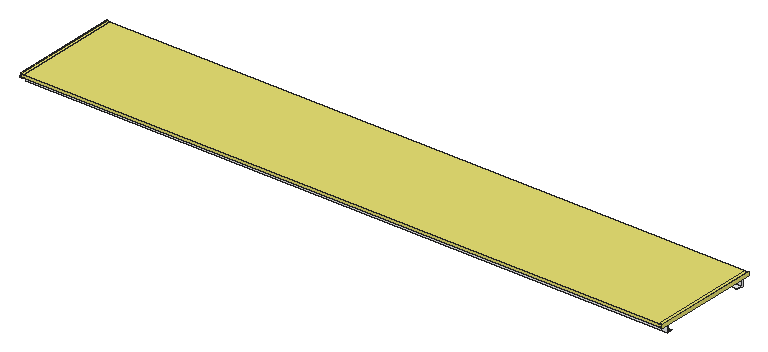
Revit family "Walkway_Kattsafe_Fibre", category Specialty Equipment, Revit 2025
Family settings
  Round Connector Dimension = Use Diameter
  Part Type = Normal
  OmniClass Number = 23.13.41.19
  Enable Cutting in Views = No
  Cut with Voids When Loaded = No
  Maintain Annotation Orientation = No
  Shared = No
  Room Calculation Point = No
Parameters (values of type "With Battens (GW13)")
  WalkwayWidth = 615 mm  # constant formula
  WalkwayMaterial = Resin_Kattsafe_Mesh_Yellow
  Type IFC Predefined Type = "USERDEFINED"
  SafetyDisclaimer [instance] = "WARNING! The correct placement of access, fall protection and facade maintenance systems is critical to ensure it is fit-for-purpose and safe for the operator to use. Did you know Kattsafe® have a dedicated team of Height Safety System Design Specialists? Kattsafe® provide one-on-one consultation and system design assistance to ensure you are meeting the stringent requirements of height safety and to give you PEACE OF MIND with your project."  # constant formula
  Export Type to IFC As = "IfcBuildingElementProxy"
  ElementType = "Roof Walkway"
  EdgebarMaterial = Resin_Kattsafe_Yellow
  WalkwayAngleEnd2 [instance] = 0.00°
  WalkwayAngleEnd1 [instance] = 0.00°
  Uniclass2015Version = "Products v1.23"
  Uniclass2015Title = "Working platforms"
  Uniclass2015Code = "Pr_40_70_75_96"
  URL = "https://kattsafe.com.au/"
  Type Comments = "Fibre Walkway - On Battens"
  RoofPitchCalc [instance] = if(1 = 1, RoofPitch + 90.00°, 0.00°)  # 90.00°
  RoofPitch [instance] = 0.00°
  ModifiedIssue = 20240430
  Model = "GW13"
  ManufacturerURLProductSpecific = "https://kattsafe.com.au/products/guardrails-walkway"
  ManufacturerSpecCode = Model  # "GW13"
  ManufacturerOverallWidth = WalkwayWidth  # 615 mm
  ManufacturerOverallLength [instance] = [built-in parameter 1001306]  # 3660 mm
  ManufacturerOverallHeight = if(Battens, 55 mm, 15 mm)  # 55 mm
  Manufacturer = "Kattsafe®"  # constant formula
  built-in parameter 1001306 [instance] = 3660 mm
  IfcExportType = "USERDEFINED"
  IfcExportAs = "IfcBuildingElementProxy"
  Description = "Kattsafe guardrail systems are the preferred method of safe access across roofs and areas close to a fall edge. The system requires no specialist PPE, personnel or training to safely prevent a fall with a walkway to designate a safe path of access across the roof surface."  # constant formula
  Default Elevation = 0 mm
  CreatedBy = "IGS BIM Solutions"  # constant formula
  CreatedByURL = "https://igsgroup.com.au"
  CleatsSingleOptionCalc [instance] = if(and(CleatsOption, (CleatsNumberOfCalc2 < 2), [built-in parameter 1001306] > CleatsMaxSpacingLength - 1 mm), 1 > 0, 1 < 0)  # no
  CleatsNumberOfCalc3 [instance] = if(CleatsNumberOfCalc2 < 2, 2, CleatsNumberOfCalc2)  # 8
  CleatsArrayOptionCalc [instance] = if(and(CleatsOption, (CleatsNumberOfCalc2 > 1)), 1 > 0, 1 < 0)  # no
  CleatsActualNumberOf [instance] = if(CleatsOption, CleatsNumberOfCalc2, 0)  # 0
  CleatsOption [instance] = not(RoofPitch < 10.00°)  # no
  CleatsNumberOfCalc2 [instance] = if(CleatsNumberOf > CleatsNumberOfCalc, rounddown(CleatsNumberOfCalc), CleatsNumberOf)  # 8
  CleatsNumberOfCalc [instance] = ([built-in parameter 1001306] - (CleatsMaxSpacingLength)) / (CleatsMaxSpacingLength) + 1  # 8.1333
  CleatsNumberOf [instance] = ([built-in parameter 1001306] - (CleatsMaxSpacingLength)) / (CleatsMaxSpacingLength) + 1  # 8
  CleatsMaxSpacingLength [instance] = if(RoofPitch < 15.00°, 450 mm, if(RoofPitch < 18.00°, 400 mm, 350 mm))  # 450 mm
  Battens = yes
  BattensActualNumberOf [instance] = if(Battens, 2, 0)  # 2
  BattenMaterial = Aluminum_Kattsafe_Satin
  Assembly Code = "E1090100"
Types (2, lengths in mm): name | Type Comments | Model | ManufacturerSpecCode | ManufacturerOverallHeight | Battens | BattensActualNumberOf
  Without Battens (GW364Y) | "Fibre Walkway" | "GW364Y" | "GW364Y" | 15 | no | 0
  With Battens (GW13) | "Fibre Walkway - On Battens" | "GW13" | "GW13" | 55 | yes | 2
Reference planes
  plane 1 "Front_Calc": y = -615
  plane 2 "Bottom": z = 0
  plane 3 "Left": x = 0
  plane 4 "Right": x = 3660
  plane 5 "Front": y = -615
  plane 6 "Walkway_Bottom": z = 40
  plane 7 "Center (Front/Back)": y = -307.5
  plane 8 "Center (Left/Right)": x = 1830
  plane 9 "Top": z = 55
  plane 10 "Cleat_Left": x = 450
  plane 11 "Cleat_Right": x = 900
  plane 12 "Left_Calc": x = 0
  plane 13 "Right_Calc": x = 3660
  plane 14 "FrontSupport": y = -575
  plane 15 "BackSupport": y = -40
  plane 16 "Back": y = 0
Lines and regions (mm)
  reference lines
    curve 1: line (0, -615, 0) -> (3660, -615, 0)
    curve 2: line (0, -615, 0) -> (0.961, -615, 0)
    curve 3: line (3660, -615, 0) -> (3658.961, -615, 0)
    curve 4: line (0, -615, 55) -> (0, 0, 55)
    curve 5: line (3660, -615, 55) -> (3660, 0, 55)
    curve 6: line (0, -40, 55) -> (3660, -40, 55)
    curve 7: line (0, -575, 55) -> (3660, -575, 55)
Text (mm)
  text "Disclaimer:\nDue to ongoing product development and manufacturing \nevolution, product details are subject to change without \nnotice. Please refer to product technical data sheets on \nthe manufacturers website for the most current product \ninformation. Please allow a +/- 5mm manufacturing \ntolerance for dimensions and set-outs shown in product \nliterature." at (8280.43, 2349.183, 0), in view "Ref. Level"
Dimensions and locks
  "built-in parameter 1001306": plane 3 "Left" to plane 4 "Right"
  "ManufacturerOverallHeight": plane 9 "Top" to plane 2 "Bottom"
  equal spacing: plane 3 "Left", plane 8 "Center (Left/Right)", plane 4 "Right"
  "CleatsMaxSpacingLength": plane 3 "Left" to plane 10 "Cleat_Left"
  "CleatsMaxSpacingLength": plane 10 "Cleat_Left" to plane 11 "Cleat_Right"
  equal spacing: group 1, group 2, group 3, group 4, group 5, group 6, group 7, group 8  (x3)
  locked: plane 3 "Left" to plane 12 "Left_Calc"
  locked: plane 13 "Right_Calc" to plane 4 "Right"
  locked: nested 4 to curve 4 at 2
  locked: curve 4 to nested 4 at 2
  locked: nested 5 to curve 5 at 2
  locked: curve 5 to nested 5 at 2
  locked: plane 9 "Top" to plane 6 "Walkway_Bottom" at 15
  locked: plane 14 "FrontSupport" to plane 5 "Front" at 40
  locked: plane 15 "BackSupport" to plane 16 "Back" at 40
  equal spacing: plane 16 "Back", plane 7 "Center (Front/Back)", plane 5 "Front"
  "ManufacturerOverallWidth": plane 16 "Back" to plane 5 "Front"
  plane 1 "Front_Calc" to plane 5 "Front" = 0 mm
  "WalkwayAngleEnd1": angle curve 4 to plane 3 "Left"
  "WalkwayAngleEnd2": angle plane 13 "Right_Calc" to curve 5
  aligned and locked: plane 4 "Right" to curve 1
  aligned and locked: plane 1 "Front_Calc" to curve 1
  aligned and locked: plane 3 "Left" to curve 1
  aligned and locked: level to plane 2 "Bottom"
  aligned and locked: plane 4 "Right" to curve 3
  aligned and locked: plane 10 "Cleat_Left" to nested 1
  aligned and locked: plane 9 "Top" to nested 1
  aligned and locked: plane 11 "Cleat_Right" to nested 2
  aligned and locked: plane 9 "Top" to nested 2
  aligned and locked: nested 2 to plane 9 "Top"
  aligned and locked: plane 10 "Cleat_Left" to nested 3
  aligned and locked: plane 9 "Top" to nested 3
  aligned and locked: plane 5 "Front" to curve 4
  aligned and locked: plane 3 "Left" to curve 4
  aligned and locked: plane 13 "Right_Calc" to curve 5
  aligned and locked: plane 5 "Front" to curve 5
  aligned and locked: plane 12 "Left_Calc" to nested 12
  aligned and locked: plane 13 "Right_Calc" to nested 12
  aligned and locked: plane 6 "Walkway_Bottom" to nested 12
  aligned and locked: plane 14 "FrontSupport" to nested 13
  aligned and locked: nested 14 to plane 15 "BackSupport"
  aligned and locked: nested 4 to curve 4
  aligned and locked: nested 5 to curve 5  (x2)
  aligned and locked: nested 14 to curve 6  (x2)
  aligned and locked: plane 15 "BackSupport" to curve 6
  aligned and locked: nested 13 to curve 7  (x2)
  aligned and locked: nested 12 to plane 7 "Center (Front/Back)"
  aligned and locked: plane 16 "Back" to curve 4
  aligned and locked: plane 16 "Back" to nested 3
  aligned and locked: plane 16 "Back" to nested 1
  aligned and locked: plane 16 "Back" to nested 2
  aligned and locked: plane 16 "Back" to curve 5
Automatic sketch dimensions
  plane 1 "Front_Calc" to curve 2 = 0 mm
  curve 2 to plane 3 "Left" = 0 mm
  plane 1 "Front_Calc" to curve 3 = 0 mm
  plane 3 "Left" to curve 2 = 0.961 mm
  curve 3 to plane 4 "Right" = 1.039 mm
  curve 7 to plane 14 "FrontSupport" = 0 mm
Nested families
  nested 1: "z_WalkwayCleat_Kattsafe" at (463.562, -25.785, 55) x (0, -1, 0) z (0, 0, 1), ManufacturerOverallLength <- "WalkwayWidth", visible <- "CleatsArrayOptionCalc", Material <- "BattenMaterial", type "GW340"
    with Material Aluminum_Kattsafe_Satin, ManufacturerOverallLength 615 mm
  nested 2: "z_WalkwayCleat_Kattsafe" at (913.562, -25.785, 55) x (0, -1, 0) z (0, 0, 1), ManufacturerOverallLength <- "WalkwayWidth", visible <- "CleatsArrayOptionCalc", Material <- "BattenMaterial", type "GW340"
    with Material Aluminum_Kattsafe_Satin, ManufacturerOverallLength 615 mm
  nested 3: "z_WalkwayCleat_Kattsafe" at (463.562, -25.785, 55) x (0, -1, 0) z (0, 0, 1), ManufacturerOverallLength <- "WalkwayWidth", Material <- "BattenMaterial", visible <- "CleatsSingleOptionCalc", type "GW340"
    with Material Aluminum_Kattsafe_Satin, ManufacturerOverallLength 615 mm
  nested 4: "z_Walkway_EdgeBar_Kattsafe" at (7.5, -589.215, 38) x (0, 1, 0) z (0, 0, 1), Material <- "EdgebarMaterial", type "GW367"
    with Material Resin_Kattsafe_Yellow, ManufacturerOverallLength 615 mm
  nested 5: "z_Walkway_EdgeBar_Kattsafe" at (3652.5, -589.215, 57) x (0, 1, 0) z (0, 0, -1), Material <- "EdgebarMaterial", type "GW367"
    with Material Resin_Kattsafe_Yellow, ManufacturerOverallLength 615 mm
  nested 6: "z_WalkwayCleat_Kattsafe" at (1363.562, -25.785, 55) x (0, -1, 0) z (0, 0, 1), ManufacturerOverallLength <- "WalkwayWidth", visible <- "CleatsArrayOptionCalc", Material <- "BattenMaterial", type "GW340"
    with Material Aluminum_Kattsafe_Satin, ManufacturerOverallLength 615 mm
  nested 7: "z_WalkwayCleat_Kattsafe" at (1813.562, -25.785, 55) x (0, -1, 0) z (0, 0, 1), ManufacturerOverallLength <- "WalkwayWidth", visible <- "CleatsArrayOptionCalc", Material <- "BattenMaterial", type "GW340"
    with Material Aluminum_Kattsafe_Satin, ManufacturerOverallLength 615 mm
  nested 8: "z_WalkwayCleat_Kattsafe" at (2263.562, -25.785, 55) x (0, -1, 0) z (0, 0, 1), ManufacturerOverallLength <- "WalkwayWidth", visible <- "CleatsArrayOptionCalc", Material <- "BattenMaterial", type "GW340"
    with Material Aluminum_Kattsafe_Satin, ManufacturerOverallLength 615 mm
  nested 9: "z_WalkwayCleat_Kattsafe" at (2713.562, -25.785, 55) x (0, -1, 0) z (0, 0, 1), ManufacturerOverallLength <- "WalkwayWidth", visible <- "CleatsArrayOptionCalc", Material <- "BattenMaterial", type "GW340"
    with Material Aluminum_Kattsafe_Satin, ManufacturerOverallLength 615 mm
  nested 10: "z_WalkwayCleat_Kattsafe" at (3163.562, -25.785, 55) x (0, -1, 0) z (0, 0, 1), ManufacturerOverallLength <- "WalkwayWidth", visible <- "CleatsArrayOptionCalc", Material <- "BattenMaterial", type "GW340"
    with Material Aluminum_Kattsafe_Satin, ManufacturerOverallLength 615 mm
  nested 11: "z_WalkwayCleat_Kattsafe" at (3613.562, -25.785, 55) x (0, -1, 0) z (0, 0, 1), ManufacturerOverallLength <- "WalkwayWidth", visible <- "CleatsArrayOptionCalc", Material <- "BattenMaterial", type "GW340"
    with Material Aluminum_Kattsafe_Satin, ManufacturerOverallLength 615 mm
  nested 12: "z_Walkway_Kattsafe_Fibre" at (25.785, -307.5, 40), ManufacturerOverallWidth <- "WalkwayWidth", End1_Angle <- "WalkwayAngleEnd1", End2_Angle <- "WalkwayAngleEnd2", type "Type 1"
    with ManufacturerOverallWidth 615 mm, ManufacturerOverallLength 3660 mm, End2_Angle_Calc 90.00°, End2_Angle 0.00°, End1_Angle_Calc 90.00°, End1_Angle 0.00°
  nested 13: "z_Walkway_Batten_Kattsafe" at (3634.215, -560, 0) x (-1, 0, 0) z (0, 0, 1), Material <- "BattenMaterial", visible <- "Battens", type "700w (GW359D.700)"
    with Material Aluminum_Kattsafe_Satin, ManufacturerOverallLength 3660 mm
  nested 14: "z_Walkway_Batten_Kattsafe" at (3634.215, -55, 0) x (-1, 0, 0) z (0, 0, 1), Material <- "BattenMaterial", visible <- "Battens", type "700w (GW359D.700)"
    with Material Aluminum_Kattsafe_Satin, ManufacturerOverallLength 3660 mm
Definition of nested family "z_WalkwayCleat_Kattsafe"
  Parameters (values of type "GW340")
    Uniclass2015Version = "Products v1.14"
    Uniclass2015Title = "Working platform and walkway systems"
    Uniclass2015Code = "SS_35_10_30_95"
    URL = "https://kattsafe.com.au/"
    Type IFC Predefined Type = "NOTDEFINED"
    Type Comments = ""
    ModifiedIssue = 20190911
    Model = "GW340"
    Material [instance] = none
    ManufacturerURLProductSpecific = ""
    ManufacturerSpecCode = Model  # "GW340"
    ManufacturerOverallWidth = 30 mm  # constant formula
    ManufacturerOverallLength [instance] = 600 mm
    ManufacturerOverallHeight = 13 mm  # constant formula
    Manufacturer = "SAYFA"  # constant formula
    Keynote = ""
    IfcExportType = "NOTDEFINED"
    IfcExportAs = "IfcRailing"
    Export Type to IFC As = "IfcRailing"
    Description = "Pace 600 Aluminium Walkway Cleat"
    Default Elevation = 0 mm  # constant formula
    CreatedBy = "IGS BIM Solutions"  # constant formula
    CreatedByURL = "https://igsgroup.com.au"
  Reference planes
    plane 1 "Bottom": z = 0
    plane 2 "Center (Front/Back)": y = 1.438
    plane 3 "Front": y = -13.562
    plane 4 "Left": x = -25.785
    plane 5 "Center (Left/Right)": x = 274.215
    plane 6 "Top": z = 13
    plane 7 "Right": x = 574.215
    plane 8 "Back": y = 16.438
    plane 9 "Center (Elevation)": z = 6.5
  Forms (mm)
    Extrusion 1, solid, material <- "Material"
      sketch origin (274.215, 0, 0) x (0, 1, 0) y (0, 0, -1)
        loop
          arc (4.564, -5.24) -> (4.093, -9.355) -> (6.299, -12.861) r 6.25
          arc (6.299, -12.861) -> (7.311, -12.804) -> (7.369, -11.792) r 0.761
          arc (7.369, -11.792) -> (10.188, -3.218) -> (13.006, -11.792) r 4.75
          arc (13.006, -11.792) -> (13.064, -12.804) -> (14.076, -12.861) r 0.761
          arc (14.076, -12.861) -> (16.243, -9.517) -> (15.948, -5.543) r 6.25
          arc (15.948, -5.543) -> (12.946, -1.734) -> (8.416, 0) r 9.127
          line (8.416, 0) -> (-13.562, 0) -> (-13.562, -0.8)
          arc (-13.562, -0.8) -> (-13.123, -1.861) -> (-12.062, -2.3) r 1.5
          line (-12.062, -2.3) -> (2.723, -2.3)
          arc (2.723, -2.3) -> (4.458, -3.26) -> (4.564, -5.24) r 2.047
      from -300 to 300
  Dimensions and locks
    "ManufacturerOverallWidth": plane 8 "Back" to plane 3 "Front"
    "ManufacturerOverallHeight": plane 6 "Top" to plane 1 "Bottom"
    equal spacing: plane 4 "Left", plane 5 "Center (Left/Right)", plane 7 "Right"
    "ManufacturerOverallLength": plane 4 "Left" to plane 7 "Right"
    equal spacing: plane 6 "Top", plane 9 "Center (Elevation)", plane 1 "Bottom"
    equal spacing: plane 8 "Back", plane 2 "Center (Front/Back)", plane 3 "Front"
    aligned and locked: plane 1 "Bottom" to level
    aligned and locked: Extrusion 1 to plane 7 "Right"
    aligned and locked: Extrusion 1 to plane 4 "Left"
    aligned and locked: Extrusion 1 sketch curve to plane 3 "Front"
  Automatic sketch dimensions
    Extrusion 1 sketch curve to Extrusion 1 sketch curve = 0 mm  (x7)
    Extrusion 1 sketch curve to level = 0 mm
    Extrusion 1 sketch curve to plane 3 "Front" = 1.5 mm
    plane 2 "Center (Front/Back)" to Extrusion 1 sketch curve = 1.285 mm
    Extrusion 1 sketch curve to plane 6 "Top" = 0.735 mm  (x2)
    Extrusion 1 sketch curve to Extrusion 1 sketch curve = 0.763 mm
    Extrusion 1 sketch curve to Extrusion 1 sketch curve = 5.693 mm
    Extrusion 1 sketch curve to level = 0.8 mm
    Extrusion 1 sketch curve to Extrusion 1 sketch curve = 2.047 mm
    plane 9 "Center (Elevation)" to Extrusion 1 sketch curve = 1.468 mm
    Extrusion 1 sketch curve to Extrusion 1 sketch curve = 1.116 mm
    Extrusion 1 sketch curve to plane 9 "Center (Elevation)" = 1.26 mm
    Extrusion 1 sketch curve to plane 6 "Top" = 0.139 mm  (x2)
    Extrusion 1 sketch curve to Extrusion 1 sketch curve = 0.596 mm  (x2)
Definition of nested family "z_Walkway_EdgeBar_Kattsafe"
  Parameters (values of type "GW367")
    Uniclass2015Version = "Products v1.14"
    Uniclass2015Title = "Working platform and walkway systems"
    Uniclass2015Code = "SS_35_10_30_95"
    URL = "https://kattsafe.com.au/"
    Type IFC Predefined Type = "NOTDEFINED"
    Type Comments = ""
    ModifiedIssue = 20191004
    Model = "GW367"
    Material [instance] = none
    ManufacturerURLProductSpecific = ""
    ManufacturerSpecCode = Model  # "GW367"
    ManufacturerOverallWidth = 19 mm  # constant formula
    ManufacturerOverallLength [instance] = 600 mm
    ManufacturerOverallHeight = 19 mm  # constant formula
    Manufacturer = "SAYFA"  # constant formula
    Keynote = ""
    IfcExportType = "NOTDEFINED"
    IfcExportAs = "IfcRailing"
    Export Type to IFC As = "IfcRailing"
    Description = "ON-TRAK Edge Bar - Fibre Walkway"
    Default Elevation = 0 mm  # constant formula
    CreatedBy = "IGS BIM Solutions"  # constant formula
    CreatedByURL = "https://igsgroup.com.au"
  Reference planes
    plane 1 "Bottom": z = 0
    plane 2 "Center (Front/Back)": y = 0
    plane 3 "Front": y = -9.5
    plane 4 "Left": x = -25.785
    plane 5 "Center (Left/Right)": x = 274.215
    plane 6 "Top": z = 19
    plane 7 "Right": x = 574.215
    plane 8 "Back": y = 9.5
  Forms (mm)
    Extrusion 1, solid, material <- "Material"
      sketch origin (-25.785, 0, 0) x (0, 1, 0) y (0, 0, 1)
        loop
          line (9.5, 0) -> (9.5, 19) -> (-9.5, 19) -> (-9.5, 17) -> (7.5, 17) -> (7.5, 2) -> (-9.5, 2) -> (-9.5, 0) -> (9.5, 0)
      from 0 to 600
  Dimensions and locks
    "ManufacturerOverallWidth": plane 8 "Back" to plane 3 "Front"
    "ManufacturerOverallHeight": plane 6 "Top" to plane 1 "Bottom"
    equal spacing: plane 4 "Left", plane 5 "Center (Left/Right)", plane 7 "Right"
    "ManufacturerOverallLength": plane 4 "Left" to plane 7 "Right"
    equal spacing: plane 8 "Back", plane 2 "Center (Front/Back)", plane 3 "Front"
    aligned and locked: plane 1 "Bottom" to level
    aligned and locked: Extrusion 1 to plane 4 "Left"
    aligned and locked: Extrusion 1 to plane 7 "Right"
    aligned and locked: Extrusion 1 to plane 3 "Front"
  Automatic sketch dimensions
    level to Extrusion 1 sketch curve = 0 mm
    Extrusion 1 sketch curve to plane 3 "Front" = 0 mm
    plane 6 "Top" to Extrusion 1 sketch curve = 0 mm
    Extrusion 1 sketch curve to plane 8 "Back" = 0 mm
    plane 2 "Center (Front/Back)" to Extrusion 1 sketch curve = 9.5 mm
    level to Extrusion 1 sketch curve = 2 mm
    plane 8 "Back" to Extrusion 1 sketch curve = 2 mm
    plane 6 "Top" to Extrusion 1 sketch curve = 2 mm
Definition of nested family "z_Walkway_Kattsafe_Fibre"
  Parameters (values of type "Type 1")
    Uniclass2015Version = "Products v1.14"
    Uniclass2015Title = "Working platform and walkway systems"
    Uniclass2015Code = "SS_35_10_30_95"
    URL = "https://kattsafe.com.au/"
    Type IFC Predefined Type = "NOTDEFINED"
    Type Comments = ""
    ModifiedIssue = 20191004
    Model = "GW365Y"
    Material = none
    ManufacturerURLProductSpecific = ""
    ManufacturerSpecCode = Model  # "GW365Y"
    ManufacturerOverallWidth [instance] = 615 mm
    ManufacturerOverallLength [instance] = 3660 mm
    ManufacturerOverallHeight = 15 mm  # constant formula
    Manufacturer = "SAYFA"  # constant formula
    Keynote = ""
    IfcExportType = "NOTDEFINED"
    IfcExportAs = "IfcRailing"
    Export Type to IFC As = "IfcRailing"
    End2_Angle_Calc [instance] = if(1 = 1, End2_Angle + 90.00°, 0.00°)  # 90.00°
    End2_Angle [instance] = 0.00°
    End1_Angle_Calc [instance] = if(1 = 1, End1_Angle + 90.00°, 0.00°)  # 90.00°
    End1_Angle [instance] = 0.00°
    Description = "On-Trak Fibre Walkway Mesh (Yellow)"
    Default Elevation = 0 mm  # constant formula
    CreatedBy = "IGS BIM Solutions"  # constant formula
    CreatedByURL = "https://igsgroup.com.au"
  Reference planes
    plane 1 "Bottom": z = 0
    plane 2 "Center (Front/Back)": y = 0
    plane 3 "Front": y = -307.5
    plane 4 "Left": x = -25.785
    plane 5 "Center (Left/Right)": x = 1804.215
    plane 6 "Top": z = 15
    plane 7 "Right": x = 3634.215
    plane 8 "Back": y = 307.5
  Forms (mm)
    Extrusion 1, solid, material <- "Material"
      sketch origin (0, 185.241, 0) x (1, 0, 0) y (0, 1, 0)
        loop
          line (-25.785, 122.259) -> (-25.785, -492.741) -> (3634.215, -492.741) -> (3634.215, 122.259) -> (-25.785, 122.259)
      from 0 to 15
  Lines and regions (mm)
    reference lines
      curve 1: line (-25.785, -307.5, 0) -> (-25.785, 307.5, 0)
      curve 2: line (3634.215, -307.5, 0) -> (3634.215, 307.5, 0)
  Dimensions and locks
    "ManufacturerOverallWidth": plane 8 "Back" to plane 3 "Front"
    "ManufacturerOverallHeight": plane 6 "Top" to plane 1 "Bottom"
    equal spacing: plane 4 "Left", plane 5 "Center (Left/Right)", plane 7 "Right"
    "ManufacturerOverallLength": plane 4 "Left" to plane 7 "Right"
    equal spacing: plane 8 "Back", plane 2 "Center (Front/Back)", plane 3 "Front"
    "End1_Angle_Calc": angle curve 1 to plane 3 "Front"
    "End2_Angle_Calc": angle plane 3 "Front" to curve 2
    aligned and locked: plane 1 "Bottom" to level
    aligned and locked: Extrusion 1 to plane 1 "Bottom"
    aligned and locked: Extrusion 1 to plane 6 "Top"
    aligned and locked: plane 4 "Left" to curve 1
    aligned and locked: plane 3 "Front" to curve 1
    aligned and locked: plane 8 "Back" to curve 1
    aligned and locked: plane 7 "Right" to curve 2
    aligned and locked: plane 3 "Front" to curve 2
    aligned and locked: plane 8 "Back" to curve 2
    aligned and locked: Extrusion 1 sketch curve to curve 1
    aligned and locked: Extrusion 1 sketch curve to curve 2
    aligned and locked: Extrusion 1 to plane 8 "Back"
  Automatic sketch dimensions
    Extrusion 1 sketch curve to plane 7 "Right" = 0 mm
    Extrusion 1 sketch curve to plane 8 "Back" = 0 mm
Definition of nested family "z_Walkway_Batten_Kattsafe"
  Parameters (values of type "700w (GW359D.700)")
    Uniclass2015Version = "Products v1.14"
    Uniclass2015Title = "Working platform and walkway systems"
    Uniclass2015Code = "SS_35_10_30_95"
    URL = "https://kattsafe.com.au/"
    Type IFC Predefined Type = "NOTDEFINED"
    Type Comments = ""
    ModifiedIssue = 20190911
    Model = "GW359D.700"
    Material [instance] = none
    ManufacturerURLProductSpecific = ""
    ManufacturerSpecCode = Model  # "GW359D.700"
    ManufacturerOverallWidth = 30 mm  # constant formula
    ManufacturerOverallLength [instance] = 700 mm
    ManufacturerOverallHeight = 40 mm  # constant formula
    Manufacturer = "SAYFA"  # constant formula
    Keynote = ""
    IfcExportType = "NOTDEFINED"
    IfcExportAs = "IfcRailing"
    Export Type to IFC As = "IfcRailing"
    Description = "Pace 600 Walkway Support Batten"
    Default Elevation = 0 mm  # constant formula
    CreatedBy = "IGS BIM Solutions"  # constant formula
    CreatedByURL = "https://igsgroup.com.au"
  Reference planes
    plane 1 "Bottom": z = 0
    plane 2 "Center (Front/Back)": y = 0
    plane 3 "Front": y = -15
    plane 4 "Left": x = -25.785
    plane 5 "Center (Left/Right)": x = 324.215
    plane 6 "Top": z = 40
    plane 7 "Right": x = 674.215
    plane 8 "Back": y = 15
  Forms (mm)
    Extrusion 1, solid, material <- "Material"
      sketch origin (-25.785, 0, 0) x (0, 1, 0) y (0, 0, 1)
        loop
          line (15, 0) -> (15, 40) -> (-5, 40) -> (-5, 38) -> (13, 38) -> (13, 2) -> (-15, 2) -> (-15, 0) -> (15, 0)
      from 0 to 700
  Dimensions and locks
    "ManufacturerOverallWidth": plane 8 "Back" to plane 3 "Front"
    "ManufacturerOverallHeight": plane 6 "Top" to plane 1 "Bottom"
    equal spacing: plane 4 "Left", plane 5 "Center (Left/Right)", plane 7 "Right"
    "ManufacturerOverallLength": plane 4 "Left" to plane 7 "Right"
    equal spacing: plane 8 "Back", plane 2 "Center (Front/Back)", plane 3 "Front"
    aligned and locked: plane 1 "Bottom" to level
    aligned and locked: Extrusion 1 to plane 4 "Left"
    aligned and locked: Extrusion 1 to plane 7 "Right"
  Automatic sketch dimensions
    level to Extrusion 1 sketch curve = 0 mm
    Extrusion 1 sketch curve to plane 3 "Front" = 0 mm
    plane 6 "Top" to Extrusion 1 sketch curve = 0 mm
    Extrusion 1 sketch curve to plane 8 "Back" = 0 mm
    plane 2 "Center (Front/Back)" to Extrusion 1 sketch curve = 5 mm
    level to Extrusion 1 sketch curve = 2 mm
    plane 8 "Back" to Extrusion 1 sketch curve = 2 mm
    plane 6 "Top" to Extrusion 1 sketch curve = 2 mm
